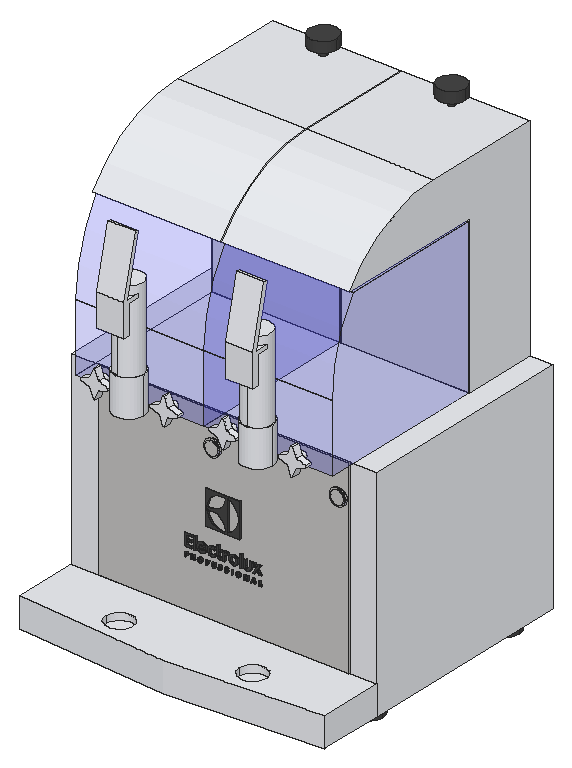
Revit family "QF_ELECTROLUXPROFESSIONAL_562527_GT2PR290", category Attrezzature speciali, Revit 2020
Family settings
  Quota connettore circolare = Usa diametro
  Tipo di parte = Normale
  Basato su piano di lavoro = No
  Sempre verticale = Sì
  Taglio con vuoti quando caricato = No
  Condiviso = No
  Punto di calcolo locali = No
Parameters (values of type "Standard")
  Weight = 46.00 kg
  Watts = 630 W
  Volts = 220 V
  URL Manufacturer = "https://www.electroluxprofessional.com/"
  URL = "https://www.electroluxprofessional.com/"
  Steam Supply Size = 0 mm
  Steam Supply Minimum Pressure = 0.0 Pa
  Steam Supply Maximum Pressure = 0.0 Pa
  Steam Consumption per Hour = 0
  Show Logo [instance] = yes
  Show Clearance [instance] = yes
  Refrigeration Suction Line Size = 0 mm
  Refrigeration Liquid Line Size = 0 mm
  Refrigerant Compressor Remote = yes
  Prospetto di default = 0 mm
  Produttore = "Electrolux Professional"
  Phase = 1
  Modello = "GT2PR290"
  Length Actual = 450 mm  # constant formula
  Item Number = "562527"
  Hot Water Size = 0 mm
  Height Actual = 650 mm  # constant formula
  HP = "0.8 HP"
  Gas Size = 0 mm
  Gas KW = 0
  Gas Input Pressure = 0 W
  Direct Waste Size = 0 mm
  Descrizione = "2X5 LT BOWL - FROZEN GRANITA, FROZEN CREAMS AND SOFT ICE CREAM DISPENSER - 2 INSULATED BOWLS - WHITE, R290 - UK"
  Depth Actual = 435 mm  # constant formula
  Cycle = 50 Hz
  Condensate Return Size = 0 mm
  Compressed Air Volume = 0.0 L/s
  Compressed Air Size = 0 mm
  Compressed Air Pressure = 0.0 Pa
  Cold Water Size = 0 mm
  Accessory = yes
Reference planes
  plane 1: z = 0
  plane 2 "LEFT": x = -300
  plane 3 "BACK": y = 282.5
  plane 4: z = 648.875
  plane 5: z = 340
  plane 6: z = 63
  plane 7: z = 677
  plane 8: x = 147
  plane 9: y = -149.837
Forms (mm)
  Extrusion 1, solid, material "QF_Finishes_White"
    sketch origin (0, -1.353, -30) x (1, 0, 0) y (0, 1, 0)
      loop
        line (-300, 283.853) -> (-300, -38.484) -> (147, -38.484) -> (147, 283.853) -> (-300, 283.853)
    from 50 to 370
  Extrusion 2, solid, material "QF_Finishes_Stainless Steel"
    sketch origin (16.697, 123.163, -87.462) x (1, 0, 0) y (0, 1, 0)
      loop
        line (90.303, -163) -> (-276.697, -163) -> (-276.697, -163.8) -> (90.303, -163.8) -> (90.303, -163)
    from 150.462 to 427.462
  Extrusion 3, solid, material "QF_Finishes_Stainless Steel"
    sketch origin (-356.596, -170.677, 18) x (0, -1, 0) y (1, 0, 0)
      loop
        line (-163.023, 407.596) -> (-163.023, 427.596) -> (-183.023, 427.596) -> (-183.023, 407.596) -> (-163.023, 407.596)
    from 0 to 2
Dimensions and locks
  plane 4 to level = 648.875 mm
  level to plane 7 = 677 mm
  plane 6 to level = 63 mm
  plane 5 to plane 6 = 277 mm
  plane 2 "LEFT" to plane 8 = 447 mm
  plane 9 to plane 3 "BACK" = 432.337 mm
  plane 5 to nested 11 = 246.5 mm
  plane 3 "BACK" to plane 9 = 432.337 mm
  aligned and locked: level to plane 1
Nested families
  nested 1: "MANOPOLA BEVERAGE" at (-220, -78.664, 353.538) x (0, 0, 1) z (0, -1, 0), type "MANOPOLA BEVERAGE"
  nested 2: "MANOPOLA BEVERAGE" at (-118, -78.664, 353.538) x (0, 0, 1) z (0, -1, 0), type "MANOPOLA BEVERAGE"
  nested 3: "PORTAGRANITE BEVERAGE-fat" at (-169, 107.419, 340), type "PORTAGRANITE BEVERAGE-fat"
  nested 4: "VASCHETTA BEVERAGE_Large_Doppio" at (-76.5, -39.837, 41.5) x (1, 0, 0) z (0, -1, 0), type "VASCHETTA BEVERAGE_Large_Doppio"
  nested 5: "ELXP_LOGO_ONLY_MEDIUM" at (-76.5, -40.637, 208.538) x (1, 0, 0) z (0, -1, 0), Show Logo <- "Show Logo", visible <- "Show Logo", type "ELXP_LOGO_ONLY_MEDIUM"
    with Show Logo yes
  nested 6: "ELX_LOGO_WORDS_MEDIUM" at (-76.5, -40.637, 149.149) x (1, 0, 0) z (0, -1, 0), visible <- "Show Logo", Show Logo <- "Show Logo", type "ELX_LOGO_WORDS_MEDIUM"
    with Show Logo yes
  nested 7: "Piedino 20x19 mm - Beverage" at (-264, 240.5, 0), type "Piedino 20x19 mm - Beverage"
  nested 8: "Piedino 20x19 mm - Beverage" at (-264, -9.5, 0), type "Piedino 20x19 mm - Beverage"
  nested 9: "Piedino 20x19 mm - Beverage" at (113, 240.5, 0), type "Piedino 20x19 mm - Beverage"
  nested 10: "Piedino 20x19 mm - Beverage" at (113, -9.5, 0), type "Piedino 20x19 mm - Beverage"
  nested 11: "BOCCHETTONE BEVERAGE_Tozzo" at (-167.625, -78.664, 463) x (1, 0, 0) z (0, -1, 0), type "BOCCHETTONE BEVERAGE_Tozzo"
  nested 12: "MANOPOLA APERTURA BEVERAGE " at (-169, 257.5, 648.875) x (-1, 0, 0) z (0, 0, 1), type "MANOPOLA APERTURA BEVERAGE "
  nested 13: "Bottone" at (-92.224, -40.637, 290) x (1, 0, 0) z (0, -1, 0), type "Bottone"
  nested 14: "PORTAGRANITE BEVERAGE-fat" at (19, 107.419, 340) x (-1, 0, 0) z (0, 0, 1), type "PORTAGRANITE BEVERAGE-fat"
  nested 15: "MANOPOLA APERTURA BEVERAGE " at (19, 257.5, 648.875), type "MANOPOLA APERTURA BEVERAGE "
  nested 16: "BOCCHETTONE BEVERAGE_Tozzo" at (21, -78.664, 463) x (-1, 0, 0) z (0, -1, 0), type "BOCCHETTONE BEVERAGE_Tozzo"
  nested 17: "MANOPOLA BEVERAGE" at (-32, -78.664, 353.538) x (0, 0, 1) z (0, -1, 0), type "MANOPOLA BEVERAGE"
  nested 18: "MANOPOLA BEVERAGE" at (70, -78.664, 353.538) x (0, 0, 1) z (0, -1, 0), type "MANOPOLA BEVERAGE"
  nested 19: "Bottone" at (92, -40.637, 290) x (-1, 0, 0) z (0, -1, 0), type "Bottone"
Connectors
  electrical at (61, 2.346, 18), driven by "Volts"
    settings: on Extrusion 3, index 73, voltage 220 V, apparent load 0 VA, apparent load phase1 0 VA, apparent load phase2 0 VA, apparent load phase3 0 VA, power factor 1, load classification "Altro", number of poles 1, system type 30, power factor state 1, is connector primary yes, connector utility no, sub classification motor no, connector description "Electrical Connection"
Definition of nested family "MANOPOLA BEVERAGE"
  Parameters (values of type "MANOPOLA BEVERAGE")
    Default Elevation = 1219.2 mm
  Reference planes
    plane 1 "Centro (Fronte/Retro)": y = 0
    plane 2: z = 0
    plane 3 "Centro (Sinistra/Destra)": x = 0
    plane 4: z = 20
  Forms (mm)
    Extrusion 1, solid
      sketch origin (0, 0, 0) x (1, 0, 0) y (0, 1, 0)
        loop
          line (-1219.2, 1219.2) -> (-1219.2, -1219.2) -> (1219.2, -1219.2) -> (1219.2, 1219.2) -> (-1219.2, 1219.2)
      from 0 to -304.8
    Extrusion 2, solid
      sketch origin (0, 0, 10) x (1, 0, 0) y (0, 1, 0)
        loop
          line (-20, -1.333) -> (-6.314, -6.314) -> (-1.333, -20) -> (1.333, -20) -> (6.314, -6.314) -> (20, -1.333) -> (20, 1.333) -> (6.314, 6.314) -> (1.333, 20) -> (-1.333, 20) -> (-6.314, 6.314) -> (-20, 1.333) -> (-20, -1.333)
      from 0 to 10
    Extrusion 3, solid
      sketch origin (0, 0, 0) x (1, 0, 0) y (0, 1, 0)
        loop
          circle (0, 0) r 5
      from 0 to 10
  Dimensions and locks
    aligned and locked: plane 2 to Extrusion 1
    aligned and locked: level to Extrusion 1
Definition of nested family "PORTAGRANITE BEVERAGE-fat"
  Parameters (values of type "PORTAGRANITE BEVERAGE-fat")
    Default Elevation = 1219.2 mm
  Reference planes
    plane 1 "Centro (Fronte/Retro)": y = 0
    plane 2: z = 0
    plane 3 "Centro (Sinistra/Destra)": x = 0
    plane 4: x = -94
    plane 5: x = 94
  Forms (mm)
    Extrusion 1, solid
      sketch origin (0, 0, 0) x (1, 0, 0) y (0, 1, 0)
        loop
          line (-1219.2, 1219.2) -> (-1219.2, -1219.2) -> (1219.2, -1219.2) -> (1219.2, 1219.2) -> (-1219.2, 1219.2)
      from 0 to -304.8
    Extrusion 2, solid
      sketch origin (-94, -107.419, -376) x (0, 1, 0) y (0, 0, 1)
        loop
          line (172.5, 604.875) -> (172.5, 376) -> (282.5, 376) -> (282.5, 684.875) -> (107.419, 684.875)
          arc (107.419, 684.875) -> (20.241, 663.694) -> (-47.5, 604.875) r 190
          line (-47.5, 604.875) -> (172.5, 604.875)
      from 0 to 188
    Extrusion 3, solid
      sketch origin (-101.5, -107.419, -378) x (0, 1, 0) y (0, 0, 1)
        loop
          line (170.5, 378) -> (170.5, 603) -> (-39.5, 603)
          arc (-39.5, 603) -> (-68.644, 543.496) -> (-78.664, 478) r 219.065
          line (-78.664, 478) -> (-78.664, 378) -> (170.5, 378)
      from 7.5 to 195.5
  Dimensions and locks
    plane 4 to plane 5 = 188 mm  (x2)
    Extrusion 2 sketch curve to Extrusion 2 sketch curve = 330 mm
    Extrusion 2 to Extrusion 3 sketch curve = 361.164 mm
    Extrusion 2 sketch curve to Extrusion 1 = 308.875 mm
    Extrusion 2 to Extrusion 3 = 361.164 mm
    Extrusion 2 to Extrusion 1 = 308.875 mm
    aligned and locked: plane 2 to Extrusion 1
    aligned and locked: level to Extrusion 1
Definition of nested family "VASCHETTA BEVERAGE_Large_Doppio"
  Parameters (values of type "VASCHETTA BEVERAGE_Large_Doppio")
    Default Elevation = 1219.2 mm
    Length = 447 mm
    Heigth = 43 mm
    Deep = 110 mm
  Reference planes
    plane 1 "Centro (Fronte/Retro)": y = 0
    plane 2: z = 0
    plane 3 "Centro (Sinistra/Destra)": x = 0
    plane 4: z = 110
    plane 5: x = 223.5
    plane 6: x = -223.5
  Forms (mm)
    Extrusion 1, solid
      sketch origin (0, 0, 0) x (1, 0, 0) y (0, 1, 0)
        loop
          line (-1219.2, 1219.2) -> (-1219.2, -1219.2) -> (1219.2, -1219.2) -> (1219.2, 1219.2) -> (-1219.2, 1219.2)
      from 0 to -304.8
    Extrusion 2, void
      sketch origin (104.75, -88.5, -175) x (1, 0, 0) y (0, 0, -1)
        loop
          circle (-202.5, -244.664) r 20
      from 100 to 110
    Extrusion 3, solid
      sketch origin (0, -2.5, 0) x (1, 0, 0) y (0, 0, 1)
        loop
          arc (223.5, 95) -> (0, 110) -> (-223.5, 95) r 1672.575
          line (-223.5, 95) -> (-223.5, 0) -> (223.5, 0) -> (223.5, 95)
      from -24 to 19
    Extrusion 4, void
      sketch origin (-104.75, -88.5, -175) x (-1, 0, 0) y (0, 0, 1)
        loop
          circle (-202.5, 244.664) r 20
      from 100 to 110
  Cuts and joins
    Extrusion 2, Extrusion 4 cuts Extrusion 3
  Dimensions and locks
    "Heigth": Extrusion 3 to Extrusion 3
    "Length": plane 6 to plane 5
    "Deep": Extrusion 1 to plane 4
    aligned and locked: plane 2 to Extrusion 1
    aligned and locked: level to Extrusion 1
  Automatic sketch dimensions
    Extrusion 1 sketch curve to Extrusion 1 sketch curve = 2438.4 mm  (x2)
    plane 4 to Extrusion 2 sketch curve = 40.336 mm
    Extrusion 3 sketch curve to level = 0 mm
    plane 6 to Extrusion 3 sketch curve = 0 mm
    plane 3 "Centro (Sinistra/Destra)" to Extrusion 3 sketch curve = 0 mm
    plane 5 to Extrusion 3 sketch curve = 0 mm
    Extrusion 3 sketch curve to level = 1562.575 mm
    plane 4 to Extrusion 3 sketch curve = 15 mm
    plane 4 to Extrusion 4 sketch curve = 40.336 mm
    Extrusion 2 sketch curve to plane 3 "Centro (Sinistra/Destra)" = 97.75 mm
    plane 3 "Centro (Sinistra/Destra)" to Extrusion 4 sketch curve = 97.75 mm
    radius of Extrusion 2 sketch curve = 20 mm
    radius of Extrusion 4 sketch curve = 20 mm
Definition of nested family "ELXP_LOGO_ONLY_MEDIUM"
  Parameters (values of type "ELXP_LOGO_ONLY_MEDIUM")
    Show Logo [instance] = yes
    Default Elevation = 0 mm
  Reference planes
    plane 1 "Centro (Fronte/Retro)": y = 0
    plane 2: z = 0
    plane 3 "Centro (Sinistra/Destra)": x = 0
  Forms (mm)
    Extrusion 1, solid
      sketch origin (0, 0, 0) x (1, 0, 0) y (0, 1, 0)
        loop
          line (-1219.2, 1219.2) -> (-1219.2, -1219.2) -> (1219.2, -1219.2) -> (1219.2, 1219.2) -> (-1219.2, 1219.2)
      from 0 to -304.8
    Extrusion 2, solid, visible <- "Show Logo"
      sketch origin (15.862, -72.798, 0) x (1, 0, 0) y (0, 1, 0)
        loop
          line (-40.901, 47.952) -> (9.138, 47.952) -> (9.138, 97.923) -> (-40.901, 97.923) -> (-40.901, 47.952)
        loop
          line (-9.2, 95.47) -> (-9.2, 50.507)
          arc (-9.2, 50.507) -> (7.421, 72.988) -> (-9.2, 95.47) r 23.515
        loop
          line (-11.486, 92.214) -> (-11.486, 95.47)
          arc (-11.486, 95.47) -> (-30.185, 91.22) -> (-39.194, 74.292) r 23.044
          line (-39.194, 74.292) -> (-31.756, 74.292)
          arc (-31.756, 74.292) -> (-18.467, 79.686) -> (-11.486, 92.214) r 21.599
        loop
          arc (-39.194, 71.685) -> (-30.2, 54.618) -> (-11.486, 49.93) r 23.647
          line (-11.486, 49.93) -> (-11.486, 53.763)
          arc (-11.486, 53.763) -> (-18.467, 66.291) -> (-31.756, 71.685) r 21.599
          line (-31.756, 71.685) -> (-39.194, 71.685)
      from 0 to 1.644
  Dimensions and locks
    aligned and locked: plane 2 to Extrusion 1
    aligned and locked: level to Extrusion 1
Definition of nested family "ELX_LOGO_WORDS_MEDIUM"
  Parameters (values of type "ELX_LOGO_WORDS_MEDIUM")
    Show Logo [instance] = yes
    Default Elevation = 0 mm
  Reference planes
    plane 1 "Centro (Fronte/Retro)": y = 0
    plane 2: z = 0
    plane 3 "Centro (Sinistra/Destra)": x = 0
  Forms (mm)
    Extrusion 1, solid
      sketch origin (0, 0, 0) x (1, 0, 0) y (0, 1, 0)
        loop
          line (-1219.2, 1219.2) -> (-1219.2, -1219.2) -> (1219.2, -1219.2) -> (1219.2, 1219.2) -> (-1219.2, 1219.2)
      from 0 to -304.8
    Extrusion 2, solid, visible <- "Show Logo"
      sketch origin (0, 0, 0) x (1, 0, 0) y (0, 1, 0)
        loop
          line (-45.351, 15.842) -> (-56.505, 15.842) -> (-56.505, 2.853)
          arc (-56.505, 2.853) -> (-55.037, -0.691) -> (-51.493, -2.159) r 5.012
          line (-51.493, -2.159) -> (-45.135, -2.159) -> (-45.135, 0.755) -> (-50.767, 0.755)
          arc (-50.767, 0.755) -> (-52.618, 1.38) -> (-53.406, 3.168) r 2.423
          line (-53.406, 3.168) -> (-53.406, 5.743) -> (-45.833, 5.743) -> (-45.833, 8.668) -> (-53.406, 8.668) -> (-53.406, 12.925) -> (-45.351, 12.925) -> (-45.351, 15.842)
        loop
          line (-42.933, 15.842) -> (-42.933, -2.159) -> (-39.832, -2.159) -> (-39.832, 15.842) -> (-42.933, 15.842)
        loop
          line (24.405, 15.842) -> (24.405, -2.159) -> (27.508, -2.159) -> (27.508, 15.842) -> (24.405, 15.842)
        loop
          line (-34.705, 3.589) -> (-24.531, 3.589)
          arc (-24.531, 3.589) -> (-26.123, 9.178) -> (-31.565, 11.217) r 6.447
          arc (-31.565, 11.217) -> (-36.358, 8.786) -> (-37.726, 3.589) r 6.56
          arc (-37.726, 3.589) -> (-35.926, -0.757) -> (-31.58, -2.557) r 6.146
          arc (-31.58, -2.557) -> (-28.198, -2.058) -> (-25.362, -0.149) r 7.726
          line (-25.362, -0.149) -> (-27.199, 1.688)
          arc (-27.199, 1.688) -> (-29.61, 0.242) -> (-32.411, 0.485) r 4.558
          arc (-32.411, 0.485) -> (-34.119, 1.622) -> (-34.705, 3.589) r 3.019
        loop
          line (-34.628, 5.769) -> (-27.646, 5.769)
          arc (-27.646, 5.769) -> (-28.626, 7.83) -> (-30.779, 8.59) r 2.974
          arc (-30.779, 8.59) -> (-33.263, 7.943) -> (-34.628, 5.769) r 3.481
        loop
          line (-12.445, 7.067) -> (-10.499, 9.013)
          arc (-10.499, 9.013) -> (-12.94, 10.78) -> (-15.907, 11.309) r 6.746
          arc (-15.907, 11.309) -> (-20.432, 9.655) -> (-22.806, 5.463) r 6.977
          arc (-22.806, 5.463) -> (-18.803, -1.885) -> (-10.608, -0.191) r 7.026
          line (-10.608, -0.191) -> (-12.544, 1.745)
          arc (-12.544, 1.745) -> (-16.723, 0.362) -> (-19.717, 3.589) r 4.071
          arc (-19.717, 3.589) -> (-19.509, 6.14) -> (-17.752, 8.002) r 3.867
          arc (-17.752, 8.002) -> (-14.941, 8.431) -> (-12.445, 7.067) r 4.442
        loop
          line (-8.594, 15.842) -> (-8.594, 3.541)
          arc (-8.594, 3.541) -> (-8.326, 1.695) -> (-7.635, -0.038) r 7.951
          arc (-7.635, -0.038) -> (-5.422, -1.797) -> (-2.62, -2.167) r 5.297
          line (-2.62, -2.167) -> (-2.62, 0.738)
          arc (-2.62, 0.738) -> (-3.453, 0.802) -> (-4.23, 1.109) r 2.792
          arc (-4.23, 1.109) -> (-5.227, 2.163) -> (-5.494, 3.589) r 2.57
          line (-5.494, 3.589) -> (-5.494, 8.043) -> (-2.678, 8.043) -> (-2.678, 10.86) -> (-5.494, 10.86) -> (-5.494, 15.842) -> (-8.594, 15.842)
        loop
          arc (3.006, 4.684) -> (3.228, 5.982) -> (3.868, 7.133) r 3.911
          arc (3.868, 7.133) -> (5.725, 8.086) -> (7.812, 8.043) r 4.26
          line (7.812, 8.043) -> (7.812, 11.023)
          arc (7.812, 11.023) -> (5.085, 10.766) -> (3.006, 8.983) r 4.524
          line (3.006, 8.983) -> (3.006, 10.86) -> (-0.069, 10.86) -> (-0.069, -2.159) -> (3.006, -2.159) -> (3.006, 4.684)
        loop
          circle (15.393, 4.348) r 6.899
        loop
          circle (15.393, 4.348) r 4.181
        loop
          arc (38.69, 3.262) -> (37.924, 1.158) -> (35.848, 0.319) r 2.752
          arc (35.848, 0.319) -> (33.771, 1.158) -> (33.005, 3.262) r 2.752
          line (33.005, 3.262) -> (33.005, 10.859) -> (29.879, 10.859) -> (29.879, 3.004)
          arc (29.879, 3.004) -> (31.658, -1.052) -> (35.848, -2.489) r 5.512
          arc (35.848, -2.489) -> (40.084, -1.008) -> (41.815, 3.132) r 5.512
          line (41.815, 3.132) -> (41.815, 10.859) -> (38.69, 10.859) -> (38.69, 3.262)
        loop
          line (43.689, 10.859) -> (48.192, 4.746) -> (43.245, -2.164) -> (46.578, -2.164) -> (49.861, 2.422) -> (53.193, -2.164) -> (56.505, -2.164) -> (51.629, 4.817) -> (56.087, 10.859) -> (52.703, 10.859) -> (49.851, 6.995) -> (47.043, 10.859) -> (43.689, 10.859)
        loop
          line (-53.813, -9.621) -> (-56.285, -9.621) -> (-56.285, -15.847) -> (-54.932, -15.847) -> (-54.932, -13.703) -> (-53.437, -13.703)
          arc (-53.437, -13.703) -> (-51.764, -11.49) -> (-53.813, -9.621) r 2.058
        loop
          arc (-53.496, -12.48) -> (-52.984, -11.679) -> (-53.496, -10.879) r 0.881
          line (-53.496, -10.879) -> (-54.932, -10.879) -> (-54.932, -12.48) -> (-53.496, -12.48)
        loop
          line (-44.045, -9.621) -> (-46.56, -9.621) -> (-46.56, -15.847) -> (-45.207, -15.847) -> (-45.207, -13.703) -> (-43.898, -13.703) -> (-43.003, -15.847) -> (-41.55, -15.847) -> (-42.774, -13.222)
          arc (-42.774, -13.222) -> (-42.188, -12.521) -> (-41.991, -11.628) r 1.922
          arc (-41.991, -11.628) -> (-42.609, -10.206) -> (-44.045, -9.621) r 2.055
        loop
          line (-45.207, -10.879) -> (-45.207, -12.48) -> (-43.771, -12.48)
          arc (-43.771, -12.48) -> (-43.258, -11.679) -> (-43.771, -10.879) r 0.881
          line (-43.771, -10.879) -> (-45.207, -10.879)
        loop
          circle (-33.602, -12.734) r 3.233
        loop
          circle (-33.602, -12.734) r 2.052
        loop
          line (-25.054, -9.622) -> (-25.054, -15.847) -> (-23.734, -15.847) -> (-23.734, -13.671) -> (-21.392, -13.671) -> (-21.392, -12.276) -> (-23.734, -12.276) -> (-23.734, -10.963) -> (-21.167, -10.963) -> (-21.167, -9.622) -> (-25.054, -9.622)
        loop
          line (-15.917, -9.622) -> (-15.917, -13.825)
          arc (-15.917, -13.825) -> (-15.343, -15.249) -> (-13.926, -15.842) r 1.991
          line (-13.926, -15.842) -> (-11.917, -15.842) -> (-11.917, -14.666) -> (-13.806, -14.666)
          arc (-13.806, -14.666) -> (-14.501, -14.091) -> (-14.638, -13.198) r 1.267
          line (-14.638, -13.198) -> (-12.15, -13.198) -> (-12.15, -12.023) -> (-14.638, -12.023) -> (-14.638, -10.797) -> (-11.977, -10.797) -> (-11.977, -9.622) -> (-15.917, -9.622)
        loop
          arc (6.626, -10.41) -> (5.801, -9.733) -> (4.757, -9.518) r 2.228
          arc (4.757, -9.518) -> (3.792, -9.755) -> (2.999, -10.352) r 2.468
          arc (2.999, -10.352) -> (2.853, -11.766) -> (3.765, -12.856) r 1.825
          arc (3.765, -12.856) -> (4.531, -13.112) -> (5.259, -13.464) r 6.301
          arc (5.259, -13.464) -> (5.719, -14.005) -> (5.402, -14.641) r 0.645
          arc (5.402, -14.641) -> (4.814, -14.78) -> (4.228, -14.631) r 1.269
          arc (4.228, -14.631) -> (3.722, -14.266) -> (3.412, -13.725) r 1.474
          line (3.412, -13.725) -> (2.324, -14.233)
          arc (2.324, -14.233) -> (2.716, -14.99) -> (3.348, -15.561) r 2.393
          arc (3.348, -15.561) -> (4.065, -15.867) -> (4.841, -15.945) r 2.579
          arc (4.841, -15.945) -> (5.8, -15.754) -> (6.664, -15.295) r 3.369
          arc (6.664, -15.295) -> (7.045, -14.28) -> (6.848, -13.214) r 2.023
          arc (6.848, -13.214) -> (6.423, -12.723) -> (5.879, -12.368) r 2.346
          arc (5.879, -12.368) -> (5.19, -12.061) -> (4.485, -11.796) r 12.353
          arc (4.485, -11.796) -> (4.077, -11.162) -> (4.666, -10.692) r 0.562
          arc (4.666, -10.692) -> (5.372, -10.862) -> (5.915, -11.344) r 1.497
          line (5.915, -11.344) -> (6.626, -10.41)
        loop
          line (12.337, -9.622) -> (12.337, -15.842) -> (13.616, -15.842) -> (13.616, -9.622) -> (12.337, -9.622)
        loop
          circle (22.24, -12.732) r 1.935
        loop
          circle (22.24, -12.732) r 3.231
        loop
          line (30.821, -15.842) -> (32.114, -15.842) -> (32.114, -11.931) -> (34.96, -15.842) -> (36.203, -15.842) -> (36.203, -9.622) -> (34.911, -9.622) -> (34.911, -13.651) -> (32.065, -9.622) -> (30.821, -9.622) -> (30.821, -15.842)
        loop
          line (42.652, -15.842) -> (43.258, -14.5) -> (45.559, -14.5) -> (46.165, -15.842) -> (47.54, -15.842) -> (44.912, -9.622) -> (43.712, -9.622) -> (41.279, -15.842) -> (42.652, -15.842)
        loop
          line (44.985, -13.224) -> (44.369, -11.857) -> (43.77, -13.224) -> (44.985, -13.224)
        loop
          line (53.893, -14.666) -> (53.893, -9.622) -> (52.614, -9.622) -> (52.614, -15.842) -> (56.285, -15.842) -> (56.285, -14.666) -> (53.893, -14.666)
        loop
          arc (-2.701, -10.41) -> (-3.525, -9.733) -> (-4.57, -9.518) r 2.228
          arc (-4.57, -9.518) -> (-5.534, -9.755) -> (-6.327, -10.352) r 2.468
          arc (-6.327, -10.352) -> (-6.473, -11.766) -> (-5.562, -12.856) r 1.825
          arc (-5.562, -12.856) -> (-4.795, -13.112) -> (-4.067, -13.464) r 6.301
          arc (-4.067, -13.464) -> (-3.608, -14.005) -> (-3.924, -14.641) r 0.645
          arc (-3.924, -14.641) -> (-4.512, -14.78) -> (-5.098, -14.631) r 1.269
          arc (-5.098, -14.631) -> (-5.604, -14.266) -> (-5.914, -13.725) r 1.474
          line (-5.914, -13.725) -> (-7.002, -14.233)
          arc (-7.002, -14.233) -> (-6.61, -14.99) -> (-5.978, -15.561) r 2.393
          arc (-5.978, -15.561) -> (-5.261, -15.867) -> (-4.485, -15.945) r 2.579
          arc (-4.485, -15.945) -> (-3.526, -15.754) -> (-2.663, -15.295) r 3.369
          arc (-2.663, -15.295) -> (-2.281, -14.28) -> (-2.478, -13.214) r 2.023
          arc (-2.478, -13.214) -> (-2.903, -12.723) -> (-3.448, -12.368) r 2.346
          arc (-3.448, -12.368) -> (-4.136, -12.061) -> (-4.842, -11.796) r 12.353
          arc (-4.842, -11.796) -> (-5.249, -11.162) -> (-4.66, -10.692) r 0.562
          arc (-4.66, -10.692) -> (-3.954, -10.862) -> (-3.412, -11.344) r 1.497
          line (-3.412, -11.344) -> (-2.701, -10.41)
      from 0 to 1.644
  Dimensions and locks
    aligned and locked: plane 2 to Extrusion 1
    aligned and locked: level to Extrusion 1
Definition of nested family "Piedino 20x19 mm - Beverage"
  Parameters (values of type "Piedino 20x19 mm - Beverage")
    Default Elevation = 0 mm
    P = 930 mm
    L = 400 mm
    H = 290 mm
  Reference planes
    plane 1: y = 0
    plane 2: z = 0
    plane 3: x = 0
    plane 4: z = 290
    plane 5: z = 24
    plane 6: z = 55
  Forms (mm)
    Extrusion 1, solid
      sketch origin (-373.847, 979.72, 0) x (1, 0, 0) y (0, 1, 0)
        loop
          circle (373.847, -979.72) r 19
      from 0 to 20
  Dimensions and locks
    "H": plane 4 to level
    plane 4 to plane 5 to level = 266 mm, 24 mm
    level to plane 6 = 55 mm
    aligned and locked: level to plane 2
  Automatic sketch dimensions
    plane 3 to Extrusion 1 sketch curve = 0 mm
    plane 1 to Extrusion 1 sketch curve = 0 mm
    radius of Extrusion 1 sketch curve = 19 mm
Definition of nested family "BOCCHETTONE BEVERAGE_Tozzo"
  Parameters (values of type "BOCCHETTONE BEVERAGE_Tozzo")
    Default Elevation = 1219.2 mm
  Reference planes
    plane 1 "Centro (Fronte/Retro)": y = 0
    plane 2: z = 0
    plane 3 "Centro (Sinistra/Destra)": x = 0
    plane 4: y = -123.5
    plane 5: y = 123.5
    plane 6: z = 22.09
  Forms (mm)
    Extrusion 1, solid
      sketch origin (0, 0, 0) x (1, 0, 0) y (0, 1, 0)
        loop
          line (-1219.2, 1219.2) -> (-1219.2, -1219.2) -> (1219.2, -1219.2) -> (1219.2, 1219.2) -> (-1219.2, 1219.2)
      from 0 to -304.8
    Extrusion 2, solid
      sketch origin (0, -51.625, 19.664) x (0, 0, 1) y (1, 0, 0)
        loop
          circle (2.426, 0) r 20
      from -18.353 to 101.625
    Extrusion 3, void
      sketch origin (-4.375, -126.625, 34.086) x (1, 0, 0) y (0, 0, -1)
        loop
          line (27.179, -16.141) -> (27.179, 12.684) -> (6.226, 12.684) -> (6.226, -10.188) -> (21.226, -10.188) -> (27.179, -16.141)
        loop
          line (-18.429, -16.141) -> (-12.476, -10.188) -> (2.524, -10.188) -> (2.524, 12.684) -> (-18.429, 12.684) -> (-18.429, -16.141)
      from 104.337 to 159.894
    Extrusion 4, solid
      sketch origin (25, -97.404, 18.125) x (0, 0, 1) y (0, 1, 0)
        loop
          line (11.922, 135.839) -> (11.922, 88.779) -> (37.961, 88.779) -> (37.961, 136.453) -> (16.929, 220.809) -> (12.077, 219.599) -> (32.961, 135.839) -> (11.922, 135.839)
      from 5 to 45
    Extrusion 5, solid
      sketch origin (0, -126.625, 25.97) x (1, 0, 0) y (0, 0, -1)
        loop
          circle (0, 3.97) r 22
      from 3.125 to 56.647
  Cuts and joins
    Extrusion 3 cuts Extrusion 4
    joined: Extrusion 2, Extrusion 4
  Dimensions and locks
    plane 5 to plane 4 = 247 mm
    plane 5 to plane 1 "Centro (Fronte/Retro)" to plane 4 = 123.5 mm, 123.5 mm
    cut or joined group of Extrusion 2, Extrusion 3, Extrusion 4 to Extrusion 1 = 56.086 mm
    aligned and locked: plane 2 to Extrusion 1
    aligned and locked: level to Extrusion 1
Definition of nested family "MANOPOLA APERTURA BEVERAGE "
  Parameters (values of type "MANOPOLA APERTURA BEVERAGE ")
    Default Elevation = 1219.2 mm
  Reference planes
    plane 1 "Centro (Fronte/Retro)": y = 0
    plane 2: z = 0
    plane 3 "Centro (Sinistra/Destra)": x = 0
    plane 4: z = 27
  Forms (mm)
    Extrusion 1, solid
      sketch origin (0, 0, 0) x (1, 0, 0) y (0, 1, 0)
        loop
          line (-1219.2, 1219.2) -> (-1219.2, -1219.2) -> (1219.2, -1219.2) -> (1219.2, 1219.2) -> (-1219.2, 1219.2)
      from 0 to -304.8
    Extrusion 2, solid
      sketch origin (0, 0, 0) x (1, 0, 0) y (0, 1, 0)
        loop
          circle (0, 0) r 5
      from 0 to 12
    Extrusion 3, solid
      sketch origin (0, 0, 12) x (1, 0, 0) y (0, 1, 0)
        loop
          circle (0, 0) r 20
      from 0 to 15
  Dimensions and locks
    Extrusion 1 to plane 4 = 27 mm
    aligned and locked: plane 2 to Extrusion 1
    aligned and locked: level to Extrusion 1
Definition of nested family "Bottone"
  Parameters (values of type "Bottone")
    Default Elevation = 1219.2 mm
  Reference planes
    plane 1 "Centro (Fronte/Retro)": y = 0
    plane 2: z = 0
    plane 3 "Centro (Sinistra/Destra)": x = 0
  Forms (mm)
    Extrusion 1, solid
      sketch origin (0, 0, 0) x (1, 0, 0) y (0, 1, 0)
        loop
          line (-1219.2, 1219.2) -> (-1219.2, -1219.2) -> (1219.2, -1219.2) -> (1219.2, 1219.2) -> (-1219.2, 1219.2)
      from 0 to -304.8
    Extrusion 2, solid
      sketch origin (0, 0, 0) x (1, 0, 0) y (0, 1, 0)
        loop
          circle (0, 0) r 12
        loop
          circle (0, 0) r 10
      from 0 to 2
    Extrusion 3, solid
      sketch origin (0, 0, 0) x (1, 0, 0) y (0, 1, 0)
        loop
          circle (0, 0) r 9.75
      from 0 to 3
  Dimensions and locks
    aligned and locked: plane 2 to Extrusion 1
    aligned and locked: level to Extrusion 1
